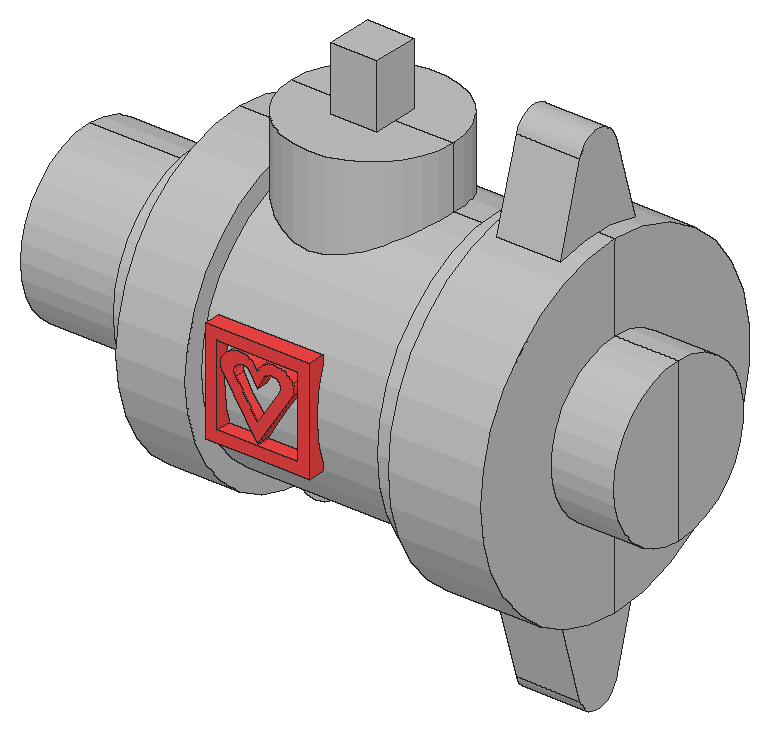
Revit family "KFE 2512 11", category Rohrzubehör, Revit 2021
Family settings
  Bemaßung runder Anschluss = Durchmesser verwenden
  Teiletyp = Normal
  OmniClass-Nummer = 23.65.55.14
  OmniClass-Titel = Valves for Liquid Services
  Arbeitsebenenbasiert = Nein
  Immer vertikal = Ja
  Beim Laden mit Abzugskörper schneiden = Nein
  Gemeinsam genutzt = Nein
Parameters
  min.Betriebstemperatur = -30 °C  # constant formula
  max.Betriebstemperatur = 110 °C  # constant formula
  max.Betriebsdruck = 1000000.0 Pa  # constant formula
  Vorgabe-Ansicht = 0.000 mm
  URL = "www.herz-armaturen.at"
  Spindel = "Messing CW614N"  # constant formula
  SCTWSEQ = "ENT;AO;1"
  SCTWCODE = "01;10;01"  # constant formula
  SCRNSEQ = "ARM;ARM_TYP=\"ABSV\";1"
  SCRNCODE = "05;08;01"  # constant formula
  S04 = 45.000 mm  # constant formula
  S03 = 16.000 mm  # constant formula
  S02 = L00 - L01  # 24.500 mm
  S01 = L00 + (L09 - L05)  # 51.000 mm
  R99 = 2.000 mm  # constant formula
  R01 = 7.000 mm  # constant formula
  Nennweite [instance] = 15.000 mm  # constant formula
  L10 = L01 - L05 + 1.000 mm  # 14.000 mm
  L09 = 13.500 mm  # constant formula
  L08 = 8.000 mm  # constant formula
  L07 = 4.000 mm  # constant formula
  L06 = 19.000 mm  # constant formula
  L05 = 6.500 mm  # constant formula
  L04 = 9.500 mm  # constant formula
  L03 = 8.500 mm  # constant formula
  L02 = 13.000 mm  # constant formula
  L01 = 19.500 mm  # constant formula
  L00 = 44.000 mm  # constant formula
  Kugel = "geschmiedetes CW617N, volle Bohrung, Oberfläche verchromt"  # constant formula
  Hersteller = "Herz-Armaturen GmbH"  # constant formula
  H00 = 17.000 mm  # constant formula
  Gehäuse = "geschmiedetes Messing CW617N"  # constant formula
  G02 = 13.200 mm  # constant formula
  G01 [instance] = Nennweite / 2  # 7.500 mm
  Dichtungen = "Kugel: PTFE, Spindel: PTFE"  # constant formula
  D08 = 7.000 mm  # constant formula
  D07 = 14.500 mm  # constant formula
  D06 = 12.100 mm  # constant formula
  D05 = 13.400 mm  # constant formula
  D04 = 11.100 mm  # constant formula
  D03 = 11.700 mm  # constant formula
  D02 = 9.300 mm  # constant formula
  D01 [instance] = G01 - 1.500 mm  # 6.000 mm
  Betriebsdaten = "Heizungswasser nach ÖNORM H5195 oder VDI- Richtlinie 2035.\r\nDie Verwendung von Ethylen-, oder Propyleneglykol in einem Mischungsverhältnis 25- 50% ist zulässig."
  Bestellnummer [instance] = if(Nennweite = 15.000 mm, 1251211, 0)  # 1251211
  Anwendungsgebiet = "Die Entleerungshähne werden als Füll- und Entleerungshähne verwendet. Anwendungsgebiete sind in haustechnischen Anlagen, wie z.B. in Heizungs- oder Kaltwasseranlagen für die Klimatisierung von Gebäuden. Aromatische Chlorkohlenwasserstoffe wie in Erdgas oder Erdölen vorkommend, zerstören die EPDM- Dichtungen"
Reference planes
  plane 1 "Mitte (Vorne/hinten)": y = 0
  plane 2: z = 0
  plane 3 "Mitte (Links/rechts)": x = 0
Forms (mm)
  Revolve 1, solid, material "Messing vernickelt", detail levels fine
    sketch origin (0, 0, 0) x (1, 0, 0) y (0, 0, 1)
      loop
        line (-18, 0) -> (13, 0) -> (13, 11.1) -> (19.5, 11.1) -> (19.5, 13.2) -> (11, 13.2) -> (11, 11.7) -> (-5.5, 11.7) -> (-5.5, 13.4) -> (-11.5, 13.4) -> (-11.5, 9.3) -> (-15, 9.3) -> (-15, 7.5) -> (-24.5, 7.5) -> (-24.5, 6) -> (-18, 6) -> (-18, 0)
      axis (-24.5, 0) -> (19.5, 0)
    angle from 0 to 360
  Extrusion 2, solid, material "Messing vernickelt", detail levels fine
    sketch origin (0, 0, 0) x (1, 0, 0) y (0, 0, 1)
      loop
        line (-2, -12.1) -> (-2, -11.3) -> (-5.52, -11.3) -> (-5.52, -13.4)
        arc (-5.52, -13.4) -> (-3.307, -13.976) -> (-2, -12.1) r 2
    from 1 to -1
  Revolve 3, solid, material "Messing vernickelt", detail levels fine
    sketch origin (0, 0, 0) x (1, 0, 0) y (0, 0, 1)
      loop
        line (0, 0) -> (0, 17) -> (-7, 17) -> (-7, 0) -> (0, 0)
      axis (0, 17) -> (0, 0)
    angle from 0 to 360
  Extrusion 4, solid, material "Messing vernickelt", detail levels fine
    sketch origin (0, 0, 0) x (1, 0, 0) y (0, 1, 0)
      loop
        line (-2, 2) -> (-2, -2) -> (2, -2) -> (2, 2) -> (-2, 2)
    from 17 to 22.5
  Revolve 5, solid, material "Messing vernickelt", detail levels fine
    sketch origin (0, 0, 0) x (1, 0, 0) y (0, 0, 1)
      loop
        line (13, 14.5) -> (13, 13.2) -> (19.5, 13.2) -> (19.5, 0) -> (26.5, 0) -> (26.5, 7) -> (21, 7) -> (21, 14.5) -> (13, 14.5)
      axis (13, 0) -> (26.5, 0)
    angle from 0 to 360
  Extrusion 6, solid, material "Messing vernickelt", detail levels fine
    sketch origin (0, 0, 0) x (0, 1, 0) y (0, 0, 1)
      loop
        line (4, 13.937) -> (1.92, 21.061)
        arc (1.92, 21.061) -> (0, 22.5) -> (-1.92, 21.061) r 2
        line (-1.92, 21.061) -> (-4, 13.937)
        arc (-4, 13.937) -> (0, 14.5) -> (4, 13.937) r 14.5
      loop
        arc (4, -13.937) -> (0, -14.5) -> (-4, -13.937) r 14.5
        line (-4, -13.937) -> (-1.92, -21.061)
        arc (-1.92, -21.061) -> (0, -22.5) -> (1.92, -21.061) r 2
        line (1.92, -21.061) -> (4, -13.937)
    from 14 to 19.5
Lines and regions (mm)
  model lines, detail levels coarse+medium
    curve 1: line (-24.5, 0, 0) -> (26.5, 0, 0)
    curve 2: line (16, 0, 22.5) -> (16, 0, -22.5)
    curve 3: line (16, -22.5, 0) -> (16, 22.5, 0)
Dimensions and locks
  "L00": Revolve 1 sketch curve to Revolve 1 sketch curve
  "L03": Revolve 1 sketch curve to Revolve 1 sketch curve
  "L05": Revolve 1 sketch curve to Revolve 1 sketch curve  (x2)
  "L01": Revolve 1 sketch curve to plane 3 "Mitte (Links/rechts)"
  "L04": Revolve 1 sketch curve to Revolve 1 sketch curve
  "L02": Revolve 1 sketch curve to Revolve 1 sketch curve
  "D01": Revolve 1 sketch curve to plane 2
  "G01": Revolve 1 sketch curve to plane 2
  "D04": Revolve 1 sketch curve to plane 2
  "D02": Revolve 1 sketch curve to plane 2
  "G02": Revolve 1 sketch curve to plane 2
  "D03": Revolve 1 sketch curve to plane 2
  "D05": Revolve 1 sketch curve to plane 2
  "L06": Revolve 1 sketch curve to Revolve 1 sketch curve
  "L07": plane 3 "Mitte (Links/rechts)" to Extrusion 2 sketch curve
  "D06": plane 2 to Extrusion 2 sketch curve
  "R01": plane 3 "Mitte (Links/rechts)" to Revolve 3 sketch curve
  "H00": Revolve 3 sketch curve to plane 2
  "G02": Revolve 5 sketch curve to plane 2
  "D07": Revolve 5 sketch curve to plane 2
  "L01": plane 3 "Mitte (Links/rechts)" to Revolve 5 sketch curve
  "L05": Revolve 5 sketch curve to Revolve 1
  "L08": Revolve 5 sketch curve to Revolve 5 sketch curve
  "D08": Revolve 5 sketch curve to plane 2
  "L09": Revolve 5 sketch curve to Revolve 5 sketch curve
  "L10": plane 3 "Mitte (Links/rechts)" to Extrusion 6
  "S01": curve 1 to curve 1
  "S03": plane 3 "Mitte (Links/rechts)" to curve 2
  "S02": plane 3 "Mitte (Links/rechts)" to curve 1
  equal spacing: curve 2, plane 2, curve 2
  "S04": curve 2 to curve 2
  "S04": curve 3 to curve 3
  equal spacing: curve 3, plane 1 "Mitte (Vorne/hinten)", curve 3
  "S03": plane 3 "Mitte (Links/rechts)" to curve 3
  "D03": nested 1 to plane 1 "Mitte (Vorne/hinten)"
  "R99": radius of Extrusion 2 sketch curve
  aligned and locked: level to plane 2
Automatic sketch dimensions
  plane 1 "Mitte (Vorne/hinten)" to Extrusion 4 sketch curve = 2.000 mm
  plane 3 "Mitte (Links/rechts)" to Extrusion 4 sketch curve = 2.000 mm
  Extrusion 4 sketch curve to plane 1 "Mitte (Vorne/hinten)" = 2.000 mm
  Extrusion 4 sketch curve to plane 3 "Mitte (Links/rechts)" = 2.000 mm
  Extrusion 6 sketch curve to Extrusion 6 sketch curve = 0.000 mm  (x2)
  Extrusion 6 sketch curve to plane 1 "Mitte (Vorne/hinten)" = 0.000 mm  (x3)
  Extrusion 6 sketch curve to level = 0.000 mm
  plane 1 "Mitte (Vorne/hinten)" to Extrusion 6 sketch curve = 1.920 mm  (x2)
  plane 1 "Mitte (Vorne/hinten)" to Extrusion 6 sketch curve = 4.000 mm  (x2)
  Extrusion 6 sketch curve to plane 1 "Mitte (Vorne/hinten)" = 1.920 mm  (x2)
  Extrusion 6 sketch curve to plane 1 "Mitte (Vorne/hinten)" = 4.000 mm  (x2)
  Extrusion 6 sketch curve to level = 13.937 mm
  Extrusion 6 sketch curve to Extrusion 6 sketch curve = 6.563 mm  (x2)
  Extrusion 6 sketch curve to Extrusion 6 sketch curve = 0.561 mm  (x2)
  level to Extrusion 6 sketch curve = 13.937 mm
  curve 1 to level = 0.000 mm
  Revolve 1 sketch curve to level = 0.000 mm  (x2)
  Revolve 1 sketch curve to Revolve 1 sketch curve = 1482.030 mm
  Revolve 1 sketch curve to Revolve 1 sketch curve = 1819.648 mm
  Extrusion 2 sketch curve to Extrusion 2 sketch curve = 1.520 mm
  Extrusion 2 sketch curve to Extrusion 2 sketch curve = 0.800 mm
  Revolve 3 sketch curve to level = 0.000 mm
  Revolve 3 sketch curve to plane 3 "Mitte (Links/rechts)" = 0.000 mm  (x2)
  Revolve 3 sketch curve to level = 366.045 mm
  Revolve 3 sketch curve to Revolve 3 sketch curve = 2197.315 mm
  Revolve 5 sketch curve to level = 0.000 mm  (x2)
  Revolve 5 sketch curve to plane 3 "Mitte (Links/rechts)" = 1506.530 mm
  Revolve 5 sketch curve to Revolve 5 sketch curve = 1812.648 mm
Nested families
  nested 1: "Herz-Logo-vorne" at (0, -11.7, 0) x (0, 1, 0) z (0, 0, 1), type "Herz-Logo-vorne"
Connectors
  piping at (-24.5, 0, 0), diameter 15, driven by "Nennweite"
    settings: on Revolve 1, index 1, connector inside diameter 609.6 mm, connector length 0.000 mm, flow factor 0, pipe flow 0.0 L/s, pressure drop 0.0 Pa, fitting loss kfactor 0, connector angle 0.00°, fixture units 0, engagement length 0.000 mm, angle of deflection 0.00°, flow configuration 0, flow direction 0, fitting loss method 0, system type 29, joint type 0, gender type 0, connector reference index -1, connector utility 0, adjustable connector no, is connector primary yes, connector description ""
Definition of nested family "Herz-Logo-vorne"
  Parameters (values of type "Herz-Logo-vorne")
    Default Elevation = 0.000 mm
  Reference planes
    plane 1 "Mitte (Vorne/hinten)": y = 0
    plane 2: z = 0
    plane 3 "Mitte (Links/rechts)": x = 0
  Forms (mm)
    Extrusion 1, solid
      sketch origin (0.732, -0.018, 0.017) x (0, -1, 0) y (0, 0, 1)
        loop
          line (-0.018, -4.517) -> (4.482, -4.517) -> (4.482, 4.483) -> (-4.518, 4.483) -> (-4.518, -4.517) -> (-0.018, -4.517)
        loop
          line (-0.05, -3.48) -> (3.482, -3.48) -> (3.482, 3.483) -> (-3.518, 3.483) -> (-3.518, -3.48) -> (-0.05, -3.48)
        loop
          arc (-0.018, 2.383) -> (-1.543, 3.287) -> (-3.067, 2.383) r 1.738
          arc (-3.067, 2.383) -> (-3.191, 1.899) -> (-3.067, 1.415) r 1.009
          line (-3.067, 1.415) -> (-0.018, -3.281) -> (3.032, 1.415)
          arc (3.032, 1.415) -> (3.156, 1.899) -> (3.032, 2.383) r 1.009
          arc (3.032, 2.383) -> (1.507, 3.287) -> (-0.018, 2.383) r 1.738
        loop
          arc (1.885, 1.272) -> (2.005, 1.675) -> (1.885, 2.079) r 0.74
          arc (1.885, 2.079) -> (1.265, 2.416) -> (0.644, 2.079) r 0.74
          line (0.644, 2.079) -> (-0.018, 0.97) -> (-0.679, 2.079)
          arc (-0.679, 2.079) -> (-1.3, 2.416) -> (-1.921, 2.079) r 0.74
          arc (-1.921, 2.079) -> (-2.04, 1.675) -> (-1.921, 1.272) r 0.74
          line (-1.921, 1.272) -> (-0.018, -1.658) -> (1.885, 1.272)
      from 0 to 1.5
  Dimensions and locks
    aligned and locked: level to plane 2
